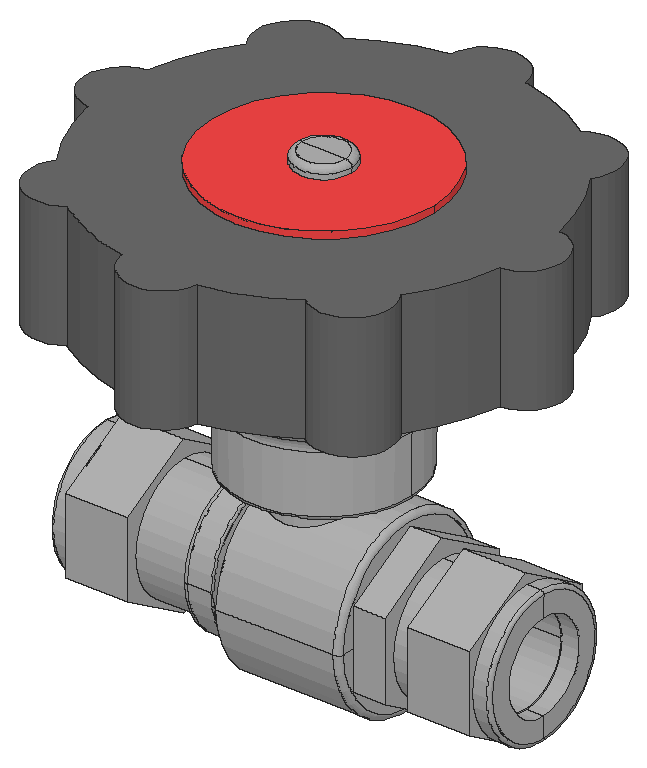
Revit family "QD30820000", category Apparecchi idraulici, Revit 2016
Family settings
  Tipo di parte = Normale
  Quota connettore circolare = Usa diametro
  Numero OmniClass = 23.45.00.00
  Titolo OmniClass = Sanitary, Laundry, and Cleaning Equipment
  Basato su piano di lavoro = No
  Sempre verticale = Sì
  Taglio con vuoti quando caricato = No
  Condiviso = No
  Punto di calcolo locali = No
Parameters
  URL = "https://web.cimberio.it/index.php/figura/585?subcategoria_id=42864"
  DN Model [instance] = QD30825015 : QD30825015
  DN [instance] = 15 mm
Reference planes
  plane 1 "Centro (Fronte/Retro)": y = 0
  plane 2: z = 0
  plane 3 "Centro (Sinistra/Destra)": x = 0
Dimensions and locks
  aligned and locked: level to plane 2
Nested families
  nested 1: "QD30825015" at (0, 0, 0), type <- "DN Model", type "QD30825015"
    with DN 10 mm
  nested 2: "QD30825015" at (0, 0, 0), type <- "DN Model", type "QD30825015"
    with DN 10 mm
  nested 3: "QD30825015" at (0, 0, 0), type <- "DN Model", type "QD30825015"
    with DN 10 mm
  nested 4: "QD30825015" at (0, 0, 0), type <- "DN Model", type "QD30825015"
    with DN 10 mm
  nested 5: "QD30825015" at (0, 0, 0), type <- "DN Model", type "QD30825015"
    with DN 10 mm
  nested 6: "QD30825015" at (0, 0, 0), type <- "DN Model", type "QD30825015"
    with DN 10 mm
  nested 7: "QD30825015" at (0, 0, 0), type <- "DN Model", type "QD30825015"
    with DN 10 mm
Connectors
  piping at (34.344, 0, 0), diameter 15, driven by "DN"
    settings: on nested 1, index 1, connector inside diameter 609.6 mm, connector length 0 mm, flow factor 0, pipe flow 0.0 L/s, pressure drop 0.0 Pa, fitting loss kfactor 0, connector angle 0.00°, fixture units 0, engagement length 0 mm, angle of deflection 0.00°, flow configuration 0, flow direction 0, fitting loss method 0, system type 7, joint type 0, gender type 0, connector reference index -1, connector utility 0, adjustable connector no, is connector primary yes, connector description ""
  piping at (-34.22, 0, 0), diameter 15, driven by "DN"
    settings: on nested 1, index 2, connector inside diameter 609.6 mm, connector length 0 mm, flow factor 0, pipe flow 0.0 L/s, pressure drop 0.0 Pa, fitting loss kfactor 0, connector angle 0.00°, fixture units 0, engagement length 0 mm, angle of deflection 0.00°, flow configuration 0, flow direction 0, fitting loss method 0, system type 7, joint type 0, gender type 0, connector reference index -1, connector utility 0, adjustable connector no, is connector primary no, connector description ""
Definition of nested family "QD30825015"
  Parameters (values of type "QD30825015")
    DN [instance] = 10 mm  # constant formula
  Reference planes
    plane 1 "Centro (Fronte/Retro)": y = 0
    plane 2: z = 0
    plane 3 "Centro (Sinistra/Destra)": x = 0
  Forms (mm)
    Revolve 1, solid
      sketch origin (0, 0, 0) x (1, 0, 0) y (0, 1, 0)
        loop
          line (-14.5, 7.5) -> (14.6, 7.5) -> (14.6, 14)
          arc (14.6, 14) -> (14.307, 14.707) -> (13.6, 15) r 1
          line (13.6, 15) -> (-6.25, 15) -> (-8.888, 12.362)
          arc (-8.888, 12.362) -> (-9.236, 12.095) -> (-9.664, 12) r 1.013
          line (-9.664, 12) -> (-13.5, 12)
          arc (-13.5, 12) -> (-14.207, 11.707) -> (-14.5, 11) r 1
          line (-14.5, 11) -> (-14.5, 7.5)
        axis (-14.5, 0) -> (14.6, 0)
      angle from 0 to 360
    Revolve 2, solid
      sketch origin (0, 0, 0) x (1, 0, 0) y (0, 0, 1)
        loop
          line (-14.139, 10.375) -> (-26.587, 10.375) -> (-26.587, 7.5) -> (-14.139, 7.5) -> (-14.139, 10.375)
        axis (-26.587, 0) -> (-14.139, 0)
      angle from 0 to 360
    Revolve 3, solid
      sketch origin (0, 0, 0) x (-1, 0, 0) y (0, 0, -1)
        loop
          line (-20.1, -10.45) -> (-20.1, -7.5) -> (-26.587, -7.5) -> (-26.587, -10.45) -> (-20.1, -10.45)
        axis (-26.587, 0) -> (-20.1, 0)
      angle from 0 to 360
    Extrusion 4, solid
      sketch origin (-11, 0, 0) x (0, 0, 1) y (0, 1, 0)
        loop
          circle (0, 0) r 7.5
        loop
          line (13.25, 0) -> (6.38, 11.9) -> (-6.38, 11.9) -> (-13.25, 0) -> (-6.38, -11.9) -> (6.38, -11.9) -> (13.25, 0)
      from 12.72 to 23.22
    Extrusion 5, solid
      sketch origin (0, 0, 0) x (0, 1, 0) y (0, 0, 1)
        loop
          circle (0, 0) r 7.5
        loop
          line (0, 13.5) -> (-12, 6.572) -> (-12, -6.572) -> (0, -13.5) -> (12, -6.572) -> (12, 6.572) -> (0, 13.5)
      from 14.6 to 20.1
    Extrusion 6, solid
      sketch origin (9.973, 0, 0) x (0, 0, 1) y (0, -1, 0)
        loop
          circle (0, 0) r 7.5
        loop
          line (13.25, 0) -> (6.38, 11.9) -> (-6.38, 11.9) -> (-13.25, 0) -> (-6.38, -11.9) -> (6.38, -11.9) -> (13.25, 0)
      from 13.871 to 24.371
    Revolve 7, solid
      sketch origin (0.91, 0, 0) x (1, 0, 0) y (0, 0, 1)
        loop
          line (-35.13, 11.5) -> (-37.63, 11.5)
          arc (-37.63, 11.5) -> (-37.998, 11.287) -> (-38.13, 10.883) r 0.596
          line (-38.13, 10.883) -> (-38.13, 7.5) -> (-35.13, 7.5) -> (-35.13, 11.5)
        axis (-38.13, 0) -> (-35.13, 0)
      angle from 0 to 360
    Revolve 8, solid
      sketch origin (-0.786, 0, 0) x (-1, 0, 0) y (0, 0, -1)
        loop
          line (-35.13, -11.5) -> (-35.13, -7.5) -> (-38.13, -7.5) -> (-38.13, -10.883)
          arc (-38.13, -10.883) -> (-37.998, -11.287) -> (-37.63, -11.5) r 0.596
          line (-37.63, -11.5) -> (-35.13, -11.5)
        axis (-38.13, 0) -> (-35.13, 0)
      angle from 0 to 360
    Revolve 9, solid
      sketch origin (0, 0, 0) x (1, 0, 0) y (0, 0, 1)
        loop
          line (0.063, 27.3) -> (0.063, 11.623) -> (8.5, 11.623) -> (8.5, 21)
          arc (8.5, 21) -> (8.863, 21.294) -> (9, 21.742) r 0.8
          line (9, 21.742) -> (9, 27.3) -> (0.063, 27.3)
        axis (0.063, 11.623) -> (0.063, 27.3)
      angle from 0 to 360
    Extrusion 10, solid
      sketch origin (0, 0, 0) x (1, 0, 0) y (0, 0, 1)
        loop
          line (-13, 26.3) -> (-13, 21.5) -> (-11, 20.345) -> (-11, 10.345) -> (-7.86, 10.345) -> (-7.86, 26.3) -> (-13, 26.3)
      from -1.5 to 1.5
    Revolve 11, solid
      sketch origin (0, 0, 0) x (1, 0, 0) y (0, 0, 1)
        loop
          line (0, 30.531) -> (-6.985, 30.531) -> (-6.985, 27.3) -> (0, 27.3) -> (0, 30.531)
        axis (0, 30.531) -> (0, 27.3)
      angle from 0 to 360
    Revolve 12, solid
      sketch origin (0, 0, 13.661) x (1, 0, 0) y (0, 0, 1)
        loop
          line (0, 51.8) -> (0, 50.016) -> (4.75, 50.016) -> (4.75, 50.8)
          arc (4.75, 50.8) -> (4.457, 51.507) -> (3.75, 51.8) r 1
          line (3.75, 51.8) -> (0, 51.8)
        axis (0, 51.8) -> (0, 50.016)
      angle from 0 to 360
    Revolve 13, solid
      sketch origin (0, 0, 0) x (1, 0, 0) y (0, 0, 1)
        loop
          line (-27.4, 41.466) -> (-15.732, 29.798)
          arc (-15.732, 29.798) -> (-15.167, 28.928) -> (-15.003, 27.903) r 2.5
          line (-15.003, 27.903) -> (-14.909, 18.07)
          arc (-14.909, 18.07) -> (-14.758, 17.713) -> (-14.4, 17.566) r 0.509
          line (-14.4, 17.566) -> (0, 17.566) -> (0, 41.466) -> (-27.4, 41.466)
        axis (0, 17.566) -> (0, 41.466)
      angle from 0 to 360
    Extrusion 14, solid
      sketch origin (0, 0, 28.55) x (1, 0, 0) y (0, 1, 0)
        loop
          arc (-6.371, 34.924) -> (-13.585, 32.798) -> (-20.19, 29.2) r 35.5
          arc (-20.19, 29.2) -> (-28.638, 28.638) -> (-29.2, 20.19) r 6.428
          arc (-29.2, 20.19) -> (-32.798, 13.585) -> (-34.924, 6.371) r 35.5
          arc (-34.924, 6.371) -> (-40.5, 0) -> (-34.924, -6.371) r 6.428
          arc (-34.924, -6.371) -> (-32.798, -13.585) -> (-29.2, -20.19) r 35.5
          arc (-29.2, -20.19) -> (-28.638, -28.638) -> (-20.19, -29.2) r 6.428
          arc (-20.19, -29.2) -> (-13.585, -32.798) -> (-6.371, -34.924) r 35.5
          arc (-6.371, -34.924) -> (0, -40.5) -> (6.371, -34.924) r 6.428
          arc (6.371, -34.924) -> (13.585, -32.798) -> (20.19, -29.2) r 35.5
          arc (20.19, -29.2) -> (28.638, -28.638) -> (29.2, -20.19) r 6.428
          arc (29.2, -20.19) -> (32.798, -13.585) -> (34.924, -6.371) r 35.5
          arc (34.924, -6.371) -> (40.5, 0) -> (34.924, 6.371) r 6.428
          arc (34.924, 6.371) -> (32.798, 13.585) -> (29.2, 20.19) r 35.5
          arc (29.2, 20.19) -> (28.638, 28.638) -> (20.19, 29.2) r 6.428
          arc (20.19, 29.2) -> (13.585, 32.798) -> (6.371, 34.924) r 35.5
          arc (6.371, 34.924) -> (0, 40.5) -> (-6.371, 34.924) r 6.428
      from 12.916 to 34.016
    Extrusion 15, solid
      sketch origin (0, 0, 28.55) x (1, 0, 0) y (0, 1, 0)
        loop
          circle (0, 0) r 18.828
      from 34.016 to 35.127
  Dimensions and locks
    aligned and locked: level to plane 2
